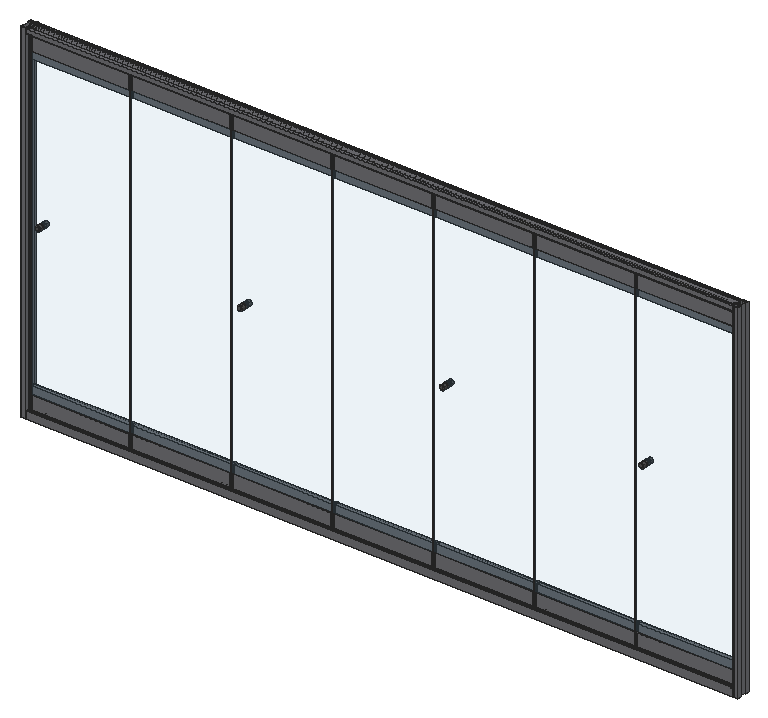
Revit family "QFL7 RH", category Doors, host Wall, Revit 2024 (continued)
Automatic sketch dimensions
  Revolve 12 sketch curve to host wall = 5.496 mm
  Revolve 12 sketch curve to Revolve 12 sketch curve = 5 mm
  Revolve 12 sketch curve to Revolve 12 sketch curve = 16 mm
  Revolve 12 sketch curve to Revolve 12 sketch curve = 1 mm  (x2)
  level to Revolve 12 sketch curve = 1048.136 mm
  Revolve 12 sketch curve to Revolve 12 sketch curve = 10 mm
  Revolve 12 sketch curve to Revolve 12 sketch curve = 14 mm
  Revolve 12 sketch curve to Revolve 12 sketch curve = 0 mm  (x3)
  Extrusion 13 sketch curve to host wall = 33.496 mm  (x2)
  Extrusion 13 sketch curve to Extrusion 13 sketch curve = 1.79 mm  (x4)
  Extrusion 13 sketch curve to Extrusion 13 sketch curve = 0 mm
  Extrusion 13 sketch curve to Extrusion 13 sketch curve = 0.01 mm
  Extrusion 13 sketch curve to Extrusion 13 sketch curve = 1.8 mm  (x6)
  Extrusion 13 sketch curve to Extrusion 13 sketch curve = 0.51 mm  (x2)
  Extrusion 13 sketch curve to Extrusion 13 sketch curve = 3.11 mm  (x2)
  Extrusion 13 sketch curve to Extrusion 13 sketch curve = 8.21 mm  (x2)
  Extrusion 13 sketch curve to Extrusion 13 sketch curve = 1.028 mm  (x2)
  host wall to Extrusion 13 sketch curve = 0.504 mm  (x2)
  host wall to Extrusion 13 sketch curve = 2.504 mm  (x2)
  host wall to Extrusion 13 sketch curve = 5.604 mm  (x2)
  host wall to Extrusion 13 sketch curve = 8.2 mm  (x2)
  Extrusion 13 sketch curve to Extrusion 13 sketch curve = 3.1 mm  (x2)
  Extrusion 13 sketch curve to Extrusion 13 sketch curve = 0.514 mm
  Extrusion 13 sketch curve to Extrusion 13 sketch curve = 6.21 mm
  Extrusion 13 sketch curve to Extrusion 13 sketch curve = 0.05 mm
  Extrusion 13 sketch curve to Extrusion 13 sketch curve = 0.554 mm
  level to Extrusion 13 sketch curve = 31 mm  (x2)
  Extrusion 13 sketch curve to Extrusion 13 sketch curve = 2 mm  (x6)
  Extrusion 13 sketch curve to Extrusion 13 sketch curve = 1.6 mm  (x4)
  Extrusion 13 sketch curve to Extrusion 13 sketch curve = 12.367 mm  (x2)
  Extrusion 13 sketch curve to Extrusion 13 sketch curve = 12.517 mm  (x2)
  Extrusion 13 sketch curve to Extrusion 13 sketch curve = 1.048 mm  (x2)
  Extrusion 13 sketch curve to Extrusion 13 sketch curve = 0.963 mm  (x2)
  Extrusion 13 sketch curve to Extrusion 13 sketch curve = 2.92 mm  (x2)
  Extrusion 13 sketch curve to Extrusion 13 sketch curve = 66.2 mm
  Extrusion 13 sketch curve to Extrusion 13 sketch curve = 33.962 mm
  Extrusion 13 sketch curve to Extrusion 13 sketch curve = 1.038 mm  (x2)
  Extrusion 13 sketch curve to Extrusion 13 sketch curve = 9.238 mm
  plane 5 to Extrusion 13 sketch curve = 174 mm
  Extrusion 13 sketch curve to Extrusion 13 sketch curve = 8.2 mm
  Extrusion 13 sketch curve to Extrusion 13 sketch curve = 43.2 mm
  plane 5 to Extrusion 13 sketch curve = 60.8 mm
  Extrusion 13 sketch curve to Extrusion 13 sketch curve = 2.985 mm
  host wall to Extrusion 14 sketch curve = 2.504 mm
  Extrusion 14 sketch curve to Extrusion 14 sketch curve = 8 mm
  level to Extrusion 14 sketch curve = 121 mm
  plane 5 to Extrusion 14 sketch curve = 129 mm
  Extrusion 15 sketch curve to host wall = 33.496 mm  (x2)
  Extrusion 15 sketch curve to Extrusion 15 sketch curve = 4.9 mm  (x3)
  Extrusion 15 sketch curve to Extrusion 15 sketch curve = 10 mm  (x4)
  host wall to Extrusion 15 sketch curve = 2.504 mm  (x2)
  host wall to Extrusion 15 sketch curve = 5.604 mm  (x2)
  Extrusion 15 sketch curve to Extrusion 15 sketch curve = 8 mm
  plane 5 to Extrusion 15 sketch curve = 39 mm
  Extrusion 15 sketch curve to Extrusion 15 sketch curve = 0 mm
  Extrusion 15 sketch curve to Extrusion 15 sketch curve = 20 mm  (x3)
  Extrusion 15 sketch curve to Extrusion 15 sketch curve = 70 mm
  Extrusion 15 sketch curve to Extrusion 15 sketch curve = 35 mm
  level to Extrusion 15 sketch curve = 166 mm
  Extrusion 15 sketch curve to Extrusion 15 sketch curve = 45 mm
  level to Extrusion 15 sketch curve = 51 mm
  Extrusion 16 sketch curve to host wall = 33.496 mm  (x2)
  Extrusion 16 sketch curve to Extrusion 16 sketch curve = 4.9 mm  (x3)
  Extrusion 16 sketch curve to Extrusion 16 sketch curve = 10 mm  (x4)
  host wall to Extrusion 16 sketch curve = 2.504 mm  (x2)
  host wall to Extrusion 16 sketch curve = 5.604 mm  (x2)
  Extrusion 16 sketch curve to Extrusion 16 sketch curve = 8 mm
  level to Extrusion 16 sketch curve = 31 mm  (x2)
  Extrusion 16 sketch curve to Extrusion 16 sketch curve = 20 mm  (x3)
  Extrusion 16 sketch curve to Extrusion 16 sketch curve = 70 mm
  Extrusion 16 sketch curve to Extrusion 16 sketch curve = 35 mm
  plane 5 to Extrusion 16 sketch curve = 174 mm
  Extrusion 16 sketch curve to Extrusion 16 sketch curve = 45 mm
  plane 5 to Extrusion 16 sketch curve = 59 mm
  Extrusion 17 sketch curve to host wall = 33.496 mm  (x2)
  Extrusion 17 sketch curve to Extrusion 17 sketch curve = 1.79 mm  (x4)
  Extrusion 17 sketch curve to Extrusion 17 sketch curve = 0 mm
  Extrusion 17 sketch curve to Extrusion 17 sketch curve = 0.01 mm
  Extrusion 17 sketch curve to Extrusion 17 sketch curve = 1.8 mm  (x6)
  Extrusion 17 sketch curve to Extrusion 17 sketch curve = 0.51 mm  (x2)
  Extrusion 17 sketch curve to Extrusion 17 sketch curve = 3.11 mm  (x2)
  Extrusion 17 sketch curve to Extrusion 17 sketch curve = 8.21 mm  (x2)
  Extrusion 17 sketch curve to Extrusion 17 sketch curve = 1.028 mm  (x2)
  host wall to Extrusion 17 sketch curve = 0.504 mm  (x2)
  host wall to Extrusion 17 sketch curve = 2.504 mm  (x2)
  host wall to Extrusion 17 sketch curve = 5.604 mm  (x2)
  host wall to Extrusion 17 sketch curve = 8.2 mm  (x2)
  Extrusion 17 sketch curve to Extrusion 17 sketch curve = 3.1 mm  (x2)
  Extrusion 17 sketch curve to Extrusion 17 sketch curve = 0.514 mm
  Extrusion 17 sketch curve to Extrusion 17 sketch curve = 6.21 mm
  Extrusion 17 sketch curve to Extrusion 17 sketch curve = 0.05 mm
  Extrusion 17 sketch curve to Extrusion 17 sketch curve = 0.554 mm
  level to Extrusion 17 sketch curve = 31 mm  (x2)
  Extrusion 17 sketch curve to Extrusion 17 sketch curve = 2 mm  (x6)
  Extrusion 17 sketch curve to Extrusion 17 sketch curve = 1.6 mm  (x4)
  Extrusion 17 sketch curve to Extrusion 17 sketch curve = 12.367 mm  (x2)
  Extrusion 17 sketch curve to Extrusion 17 sketch curve = 12.517 mm  (x2)
  Extrusion 17 sketch curve to Extrusion 17 sketch curve = 1.048 mm  (x2)
  Extrusion 17 sketch curve to Extrusion 17 sketch curve = 0.963 mm  (x2)
  Extrusion 17 sketch curve to Extrusion 17 sketch curve = 2.92 mm  (x2)
  Extrusion 17 sketch curve to Extrusion 17 sketch curve = 66.2 mm
  Extrusion 17 sketch curve to Extrusion 17 sketch curve = 33.962 mm
  Extrusion 17 sketch curve to Extrusion 17 sketch curve = 1.038 mm  (x2)
  Extrusion 17 sketch curve to Extrusion 17 sketch curve = 9.238 mm
  plane 5 to Extrusion 17 sketch curve = 174 mm
  Extrusion 17 sketch curve to Extrusion 17 sketch curve = 8.2 mm
  Extrusion 17 sketch curve to Extrusion 17 sketch curve = 43.2 mm
  plane 5 to Extrusion 17 sketch curve = 60.8 mm
  Extrusion 17 sketch curve to Extrusion 17 sketch curve = 2.985 mm
  host wall to Extrusion 18 sketch curve = 2.504 mm
  Extrusion 18 sketch curve to Extrusion 18 sketch curve = 8 mm
  level to Extrusion 18 sketch curve = 121 mm
  plane 5 to Extrusion 18 sketch curve = 129 mm
  Extrusion 19 sketch curve to host wall = 33.496 mm  (x2)
  Extrusion 19 sketch curve to Extrusion 19 sketch curve = 4.9 mm  (x3)
  Extrusion 19 sketch curve to Extrusion 19 sketch curve = 10 mm  (x4)
  host wall to Extrusion 19 sketch curve = 2.504 mm  (x2)
  host wall to Extrusion 19 sketch curve = 5.604 mm  (x2)
  Extrusion 19 sketch curve to Extrusion 19 sketch curve = 8 mm
  plane 5 to Extrusion 19 sketch curve = 39 mm
  Extrusion 19 sketch curve to Extrusion 19 sketch curve = 0 mm
  Extrusion 19 sketch curve to Extrusion 19 sketch curve = 20 mm  (x3)
  Extrusion 19 sketch curve to Extrusion 19 sketch curve = 70 mm
  Extrusion 19 sketch curve to Extrusion 19 sketch curve = 35 mm
  level to Extrusion 19 sketch curve = 166 mm
  Extrusion 19 sketch curve to Extrusion 19 sketch curve = 45 mm
  level to Extrusion 19 sketch curve = 51 mm
  Extrusion 20 sketch curve to host wall = 33.496 mm  (x2)
  Extrusion 20 sketch curve to Extrusion 20 sketch curve = 4.9 mm  (x3)
  Extrusion 20 sketch curve to Extrusion 20 sketch curve = 10 mm  (x4)
  host wall to Extrusion 20 sketch curve = 2.504 mm  (x2)
  host wall to Extrusion 20 sketch curve = 5.604 mm  (x2)
  Extrusion 20 sketch curve to Extrusion 20 sketch curve = 8 mm
  level to Extrusion 20 sketch curve = 31 mm  (x2)
  Extrusion 20 sketch curve to Extrusion 20 sketch curve = 20 mm  (x3)
  Extrusion 20 sketch curve to Extrusion 20 sketch curve = 70 mm
  Extrusion 20 sketch curve to Extrusion 20 sketch curve = 35 mm
  plane 5 to Extrusion 20 sketch curve = 174 mm
  Extrusion 20 sketch curve to Extrusion 20 sketch curve = 45 mm
  plane 5 to Extrusion 20 sketch curve = 59 mm
  host wall to Revolve 21 sketch curve = 10.504 mm
  Revolve 21 sketch curve to Revolve 21 sketch curve = 3 mm
  Revolve 21 sketch curve to Revolve 21 sketch curve = 5 mm  (x2)
  Revolve 21 sketch curve to Revolve 21 sketch curve = 16 mm
  Revolve 21 sketch curve to Revolve 21 sketch curve = 1 mm  (x2)
  plane 5 to Revolve 21 sketch curve = 1035 mm
  Revolve 21 sketch curve to Revolve 21 sketch curve = 0 mm  (x4)
  Revolve 21 sketch curve to Revolve 21 sketch curve = 14 mm
  host wall to Revolve 22 sketch curve = 2.504 mm
  Revolve 22 sketch curve to host wall = 0.496 mm
  Revolve 22 sketch curve to host wall = 5.496 mm
  Revolve 22 sketch curve to Revolve 22 sketch curve = 5 mm
  Revolve 22 sketch curve to Revolve 22 sketch curve = 16 mm
  Revolve 22 sketch curve to Revolve 22 sketch curve = 1 mm  (x2)
  level to Revolve 22 sketch curve = 1048.136 mm
  Revolve 22 sketch curve to Revolve 22 sketch curve = 10 mm
  Revolve 22 sketch curve to Revolve 22 sketch curve = 14 mm
  Revolve 22 sketch curve to Revolve 22 sketch curve = 0 mm  (x3)
  Extrusion 23 sketch curve to host wall = 33.496 mm  (x2)
  Extrusion 23 sketch curve to Extrusion 23 sketch curve = 1.79 mm  (x4)
  Extrusion 23 sketch curve to Extrusion 23 sketch curve = 0 mm
  Extrusion 23 sketch curve to Extrusion 23 sketch curve = 0.01 mm
  Extrusion 23 sketch curve to Extrusion 23 sketch curve = 1.8 mm  (x6)
  Extrusion 23 sketch curve to Extrusion 23 sketch curve = 0.51 mm  (x2)
  Extrusion 23 sketch curve to Extrusion 23 sketch curve = 3.11 mm  (x2)
  Extrusion 23 sketch curve to Extrusion 23 sketch curve = 8.21 mm  (x2)
  Extrusion 23 sketch curve to Extrusion 23 sketch curve = 1.028 mm  (x2)
  host wall to Extrusion 23 sketch curve = 0.504 mm  (x2)
  host wall to Extrusion 23 sketch curve = 2.504 mm  (x2)
  host wall to Extrusion 23 sketch curve = 5.604 mm  (x2)
  host wall to Extrusion 23 sketch curve = 8.2 mm  (x2)
  Extrusion 23 sketch curve to Extrusion 23 sketch curve = 3.1 mm  (x2)
  Extrusion 23 sketch curve to Extrusion 23 sketch curve = 0.514 mm
  Extrusion 23 sketch curve to Extrusion 23 sketch curve = 6.21 mm
  Extrusion 23 sketch curve to Extrusion 23 sketch curve = 0.05 mm
  Extrusion 23 sketch curve to Extrusion 23 sketch curve = 0.554 mm
  level to Extrusion 23 sketch curve = 31 mm  (x2)
  Extrusion 23 sketch curve to Extrusion 23 sketch curve = 2 mm  (x6)
  Extrusion 23 sketch curve to Extrusion 23 sketch curve = 1.6 mm  (x4)
  Extrusion 23 sketch curve to Extrusion 23 sketch curve = 12.367 mm  (x2)
  Extrusion 23 sketch curve to Extrusion 23 sketch curve = 12.517 mm  (x2)
  Extrusion 23 sketch curve to Extrusion 23 sketch curve = 1.048 mm  (x2)
  Extrusion 23 sketch curve to Extrusion 23 sketch curve = 0.963 mm  (x2)
  Extrusion 23 sketch curve to Extrusion 23 sketch curve = 2.92 mm  (x2)
  Extrusion 23 sketch curve to Extrusion 23 sketch curve = 66.2 mm
  Extrusion 23 sketch curve to Extrusion 23 sketch curve = 33.962 mm
  Extrusion 23 sketch curve to Extrusion 23 sketch curve = 1.038 mm  (x2)
  Extrusion 23 sketch curve to Extrusion 23 sketch curve = 9.238 mm
  plane 5 to Extrusion 23 sketch curve = 174 mm
  Extrusion 23 sketch curve to Extrusion 23 sketch curve = 8.2 mm
  Extrusion 23 sketch curve to Extrusion 23 sketch curve = 43.2 mm
  plane 5 to Extrusion 23 sketch curve = 60.8 mm
  Extrusion 23 sketch curve to Extrusion 23 sketch curve = 2.985 mm
  host wall to Extrusion 24 sketch curve = 2.504 mm
  Extrusion 24 sketch curve to Extrusion 24 sketch curve = 8 mm
  level to Extrusion 24 sketch curve = 121 mm
  plane 5 to Extrusion 24 sketch curve = 129 mm
  Extrusion 25 sketch curve to host wall = 33.496 mm  (x2)
  Extrusion 25 sketch curve to Extrusion 25 sketch curve = 4.9 mm  (x3)
  Extrusion 25 sketch curve to Extrusion 25 sketch curve = 10 mm  (x4)
  host wall to Extrusion 25 sketch curve = 2.504 mm  (x2)
  host wall to Extrusion 25 sketch curve = 5.604 mm  (x2)
  Extrusion 25 sketch curve to Extrusion 25 sketch curve = 8 mm
  plane 5 to Extrusion 25 sketch curve = 39 mm
  Extrusion 25 sketch curve to Extrusion 25 sketch curve = 0 mm
  Extrusion 25 sketch curve to Extrusion 25 sketch curve = 20 mm  (x3)
  Extrusion 25 sketch curve to Extrusion 25 sketch curve = 70 mm
  Extrusion 25 sketch curve to Extrusion 25 sketch curve = 35 mm
  level to Extrusion 25 sketch curve = 166 mm
  Extrusion 25 sketch curve to Extrusion 25 sketch curve = 45 mm
  level to Extrusion 25 sketch curve = 51 mm
  Extrusion 26 sketch curve to host wall = 33.496 mm  (x2)
  Extrusion 26 sketch curve to Extrusion 26 sketch curve = 4.9 mm  (x3)
  Extrusion 26 sketch curve to Extrusion 26 sketch curve = 10 mm  (x4)
  host wall to Extrusion 26 sketch curve = 2.504 mm  (x2)
  host wall to Extrusion 26 sketch curve = 5.604 mm  (x2)
  Extrusion 26 sketch curve to Extrusion 26 sketch curve = 8 mm
  level to Extrusion 26 sketch curve = 31 mm  (x2)
  Extrusion 26 sketch curve to Extrusion 26 sketch curve = 20 mm  (x3)
  Extrusion 26 sketch curve to Extrusion 26 sketch curve = 70 mm
  Extrusion 26 sketch curve to Extrusion 26 sketch curve = 35 mm
  plane 5 to Extrusion 26 sketch curve = 174 mm
  Extrusion 26 sketch curve to Extrusion 26 sketch curve = 45 mm
  plane 5 to Extrusion 26 sketch curve = 59 mm
  Extrusion 27 sketch curve to host wall = 33.496 mm  (x2)
  Extrusion 27 sketch curve to Extrusion 27 sketch curve = 1.79 mm  (x4)
  Extrusion 27 sketch curve to Extrusion 27 sketch curve = 0 mm
  Extrusion 27 sketch curve to Extrusion 27 sketch curve = 0.01 mm
  Extrusion 27 sketch curve to Extrusion 27 sketch curve = 1.8 mm  (x6)
  Extrusion 27 sketch curve to Extrusion 27 sketch curve = 0.51 mm  (x2)
  Extrusion 27 sketch curve to Extrusion 27 sketch curve = 3.11 mm  (x2)
  Extrusion 27 sketch curve to Extrusion 27 sketch curve = 8.21 mm  (x2)
  Extrusion 27 sketch curve to Extrusion 27 sketch curve = 1.028 mm  (x2)
  host wall to Extrusion 27 sketch curve = 0.504 mm  (x2)
  host wall to Extrusion 27 sketch curve = 2.504 mm  (x2)
  host wall to Extrusion 27 sketch curve = 5.604 mm  (x2)
  host wall to Extrusion 27 sketch curve = 8.2 mm  (x2)
  Extrusion 27 sketch curve to Extrusion 27 sketch curve = 3.1 mm  (x2)
  Extrusion 27 sketch curve to Extrusion 27 sketch curve = 0.514 mm
  Extrusion 27 sketch curve to Extrusion 27 sketch curve = 6.21 mm
  Extrusion 27 sketch curve to Extrusion 27 sketch curve = 0.05 mm
  Extrusion 27 sketch curve to Extrusion 27 sketch curve = 0.554 mm
  level to Extrusion 27 sketch curve = 31 mm  (x2)
  Extrusion 27 sketch curve to Extrusion 27 sketch curve = 2 mm  (x6)
  Extrusion 27 sketch curve to Extrusion 27 sketch curve = 1.6 mm  (x4)
  Extrusion 27 sketch curve to Extrusion 27 sketch curve = 12.367 mm  (x2)
  Extrusion 27 sketch curve to Extrusion 27 sketch curve = 12.517 mm  (x2)
  Extrusion 27 sketch curve to Extrusion 27 sketch curve = 1.048 mm  (x2)
  Extrusion 27 sketch curve to Extrusion 27 sketch curve = 0.963 mm  (x2)
  Extrusion 27 sketch curve to Extrusion 27 sketch curve = 2.92 mm  (x2)
  Extrusion 27 sketch curve to Extrusion 27 sketch curve = 66.2 mm
  Extrusion 27 sketch curve to Extrusion 27 sketch curve = 33.962 mm
  Extrusion 27 sketch curve to Extrusion 27 sketch curve = 1.038 mm  (x2)
  Extrusion 27 sketch curve to Extrusion 27 sketch curve = 9.238 mm
  plane 5 to Extrusion 27 sketch curve = 174 mm
  Extrusion 27 sketch curve to Extrusion 27 sketch curve = 8.2 mm
  Extrusion 27 sketch curve to Extrusion 27 sketch curve = 43.2 mm
  plane 5 to Extrusion 27 sketch curve = 60.8 mm
  Extrusion 27 sketch curve to Extrusion 27 sketch curve = 2.985 mm
  host wall to Extrusion 28 sketch curve = 2.504 mm
  Extrusion 28 sketch curve to Extrusion 28 sketch curve = 8 mm
  level to Extrusion 28 sketch curve = 121 mm
  plane 5 to Extrusion 28 sketch curve = 129 mm
  Extrusion 29 sketch curve to host wall = 33.496 mm  (x2)
  Extrusion 29 sketch curve to Extrusion 29 sketch curve = 4.9 mm  (x3)
  Extrusion 29 sketch curve to Extrusion 29 sketch curve = 10 mm  (x4)
  host wall to Extrusion 29 sketch curve = 2.504 mm  (x2)
  host wall to Extrusion 29 sketch curve = 5.604 mm  (x2)
  Extrusion 29 sketch curve to Extrusion 29 sketch curve = 8 mm
  plane 5 to Extrusion 29 sketch curve = 39 mm
  Extrusion 29 sketch curve to Extrusion 29 sketch curve = 0 mm
  Extrusion 29 sketch curve to Extrusion 29 sketch curve = 20 mm  (x3)
  Extrusion 29 sketch curve to Extrusion 29 sketch curve = 70 mm
  Extrusion 29 sketch curve to Extrusion 29 sketch curve = 35 mm
  level to Extrusion 29 sketch curve = 166 mm
  Extrusion 29 sketch curve to Extrusion 29 sketch curve = 45 mm
  level to Extrusion 29 sketch curve = 51 mm
  Extrusion 30 sketch curve to host wall = 33.496 mm  (x2)
  Extrusion 30 sketch curve to Extrusion 30 sketch curve = 4.9 mm  (x3)
  Extrusion 30 sketch curve to Extrusion 30 sketch curve = 10 mm  (x4)
  host wall to Extrusion 30 sketch curve = 2.504 mm  (x2)
  host wall to Extrusion 30 sketch curve = 5.604 mm  (x2)
  Extrusion 30 sketch curve to Extrusion 30 sketch curve = 8 mm
  level to Extrusion 30 sketch curve = 31 mm  (x2)
  Extrusion 30 sketch curve to Extrusion 30 sketch curve = 20 mm  (x3)
  Extrusion 30 sketch curve to Extrusion 30 sketch curve = 70 mm
  Extrusion 30 sketch curve to Extrusion 30 sketch curve = 35 mm
  plane 5 to Extrusion 30 sketch curve = 174 mm
  Extrusion 30 sketch curve to Extrusion 30 sketch curve = 45 mm
  plane 5 to Extrusion 30 sketch curve = 59 mm
  host wall to Revolve 31 sketch curve = 10.504 mm
  Revolve 31 sketch curve to Revolve 31 sketch curve = 3 mm
  Revolve 31 sketch curve to Revolve 31 sketch curve = 5 mm  (x2)
  Revolve 31 sketch curve to Revolve 31 sketch curve = 16 mm
  Revolve 31 sketch curve to Revolve 31 sketch curve = 1 mm  (x2)
  plane 5 to Revolve 31 sketch curve = 1035 mm
  Revolve 31 sketch curve to Revolve 31 sketch curve = 0 mm  (x4)
  Revolve 31 sketch curve to Revolve 31 sketch curve = 14 mm
  host wall to Revolve 32 sketch curve = 2.504 mm
  Revolve 32 sketch curve to host wall = 0.496 mm
  Revolve 32 sketch curve to host wall = 5.496 mm
  Revolve 32 sketch curve to Revolve 32 sketch curve = 5 mm
  Revolve 32 sketch curve to Revolve 32 sketch curve = 16 mm
  Revolve 32 sketch curve to Revolve 32 sketch curve = 1 mm  (x2)
  level to Revolve 32 sketch curve = 1048.136 mm
  Revolve 32 sketch curve to Revolve 32 sketch curve = 10 mm
  Revolve 32 sketch curve to Revolve 32 sketch curve = 14 mm
  Revolve 32 sketch curve to Revolve 32 sketch curve = 0 mm  (x3)
  Extrusion 33 sketch curve to host wall = 33.496 mm  (x2)
  Extrusion 33 sketch curve to Extrusion 33 sketch curve = 1.79 mm  (x4)
  Extrusion 33 sketch curve to Extrusion 33 sketch curve = 0 mm
  Extrusion 33 sketch curve to Extrusion 33 sketch curve = 0.01 mm
  Extrusion 33 sketch curve to Extrusion 33 sketch curve = 1.8 mm  (x6)
  Extrusion 33 sketch curve to Extrusion 33 sketch curve = 0.51 mm  (x2)
  Extrusion 33 sketch curve to Extrusion 33 sketch curve = 3.11 mm  (x2)
  Extrusion 33 sketch curve to Extrusion 33 sketch curve = 8.21 mm  (x2)
  Extrusion 33 sketch curve to Extrusion 33 sketch curve = 1.028 mm  (x2)
  host wall to Extrusion 33 sketch curve = 0.504 mm  (x2)
  host wall to Extrusion 33 sketch curve = 2.504 mm  (x2)
  host wall to Extrusion 33 sketch curve = 5.604 mm  (x2)
  host wall to Extrusion 33 sketch curve = 8.2 mm  (x2)
  Extrusion 33 sketch curve to Extrusion 33 sketch curve = 3.1 mm  (x2)
  Extrusion 33 sketch curve to Extrusion 33 sketch curve = 0.514 mm
  Extrusion 33 sketch curve to Extrusion 33 sketch curve = 6.21 mm
  Extrusion 33 sketch curve to Extrusion 33 sketch curve = 0.05 mm
  Extrusion 33 sketch curve to Extrusion 33 sketch curve = 0.554 mm
  level to Extrusion 33 sketch curve = 31 mm  (x2)
  Extrusion 33 sketch curve to Extrusion 33 sketch curve = 2 mm  (x6)
  Extrusion 33 sketch curve to Extrusion 33 sketch curve = 1.6 mm  (x4)
  Extrusion 33 sketch curve to Extrusion 33 sketch curve = 12.367 mm  (x2)
  Extrusion 33 sketch curve to Extrusion 33 sketch curve = 12.517 mm  (x2)
  Extrusion 33 sketch curve to Extrusion 33 sketch curve = 1.048 mm  (x2)
  Extrusion 33 sketch curve to Extrusion 33 sketch curve = 0.963 mm  (x2)
  Extrusion 33 sketch curve to Extrusion 33 sketch curve = 2.92 mm  (x2)
  Extrusion 33 sketch curve to Extrusion 33 sketch curve = 66.2 mm
  Extrusion 33 sketch curve to Extrusion 33 sketch curve = 33.962 mm
  Extrusion 33 sketch curve to Extrusion 33 sketch curve = 1.038 mm  (x2)
  Extrusion 33 sketch curve to Extrusion 33 sketch curve = 9.238 mm
  plane 5 to Extrusion 33 sketch curve = 174 mm
  Extrusion 33 sketch curve to Extrusion 33 sketch curve = 8.2 mm
  Extrusion 33 sketch curve to Extrusion 33 sketch curve = 43.2 mm
  plane 5 to Extrusion 33 sketch curve = 60.8 mm
  Extrusion 33 sketch curve to Extrusion 33 sketch curve = 2.985 mm
  host wall to Extrusion 34 sketch curve = 2.504 mm
  Extrusion 34 sketch curve to Extrusion 34 sketch curve = 8 mm
  level to Extrusion 34 sketch curve = 121 mm
  plane 5 to Extrusion 34 sketch curve = 129 mm
  Extrusion 35 sketch curve to host wall = 33.496 mm  (x2)
  Extrusion 35 sketch curve to Extrusion 35 sketch curve = 4.9 mm  (x3)
  Extrusion 35 sketch curve to Extrusion 35 sketch curve = 10 mm  (x4)
  host wall to Extrusion 35 sketch curve = 2.504 mm  (x2)
  host wall to Extrusion 35 sketch curve = 5.604 mm  (x2)
  Extrusion 35 sketch curve to Extrusion 35 sketch curve = 8 mm
  plane 5 to Extrusion 35 sketch curve = 39 mm
  Extrusion 35 sketch curve to Extrusion 35 sketch curve = 0 mm
  Extrusion 35 sketch curve to Extrusion 35 sketch curve = 20 mm  (x3)
  Extrusion 35 sketch curve to Extrusion 35 sketch curve = 70 mm
  Extrusion 35 sketch curve to Extrusion 35 sketch curve = 35 mm
  level to Extrusion 35 sketch curve = 166 mm
  Extrusion 35 sketch curve to Extrusion 35 sketch curve = 45 mm
  level to Extrusion 35 sketch curve = 51 mm
  Extrusion 36 sketch curve to host wall = 33.496 mm  (x2)
  Extrusion 36 sketch curve to Extrusion 36 sketch curve = 4.9 mm  (x3)
  Extrusion 36 sketch curve to Extrusion 36 sketch curve = 10 mm  (x4)
  host wall to Extrusion 36 sketch curve = 2.504 mm  (x2)
  host wall to Extrusion 36 sketch curve = 5.604 mm  (x2)
  Extrusion 36 sketch curve to Extrusion 36 sketch curve = 8 mm
  level to Extrusion 36 sketch curve = 31 mm  (x2)
  Extrusion 36 sketch curve to Extrusion 36 sketch curve = 20 mm  (x3)
  Extrusion 36 sketch curve to Extrusion 36 sketch curve = 70 mm
  Extrusion 36 sketch curve to Extrusion 36 sketch curve = 35 mm
  plane 5 to Extrusion 36 sketch curve = 174 mm
  Extrusion 36 sketch curve to Extrusion 36 sketch curve = 45 mm
  plane 5 to Extrusion 36 sketch curve = 59 mm
  host wall to Revolve 37 sketch curve = 10.504 mm
  Revolve 37 sketch curve to Revolve 37 sketch curve = 3 mm
  Revolve 37 sketch curve to Revolve 37 sketch curve = 5 mm  (x2)
  Revolve 37 sketch curve to Revolve 37 sketch curve = 16 mm
  Revolve 37 sketch curve to Revolve 37 sketch curve = 1 mm  (x2)
  plane 5 to Revolve 37 sketch curve = 1035 mm
  Revolve 37 sketch curve to Revolve 37 sketch curve = 0 mm  (x4)
  Revolve 37 sketch curve to Revolve 37 sketch curve = 14 mm
  host wall to Revolve 38 sketch curve = 2.504 mm
  Revolve 38 sketch curve to host wall = 0.496 mm
  Revolve 38 sketch curve to host wall = 5.496 mm
  Revolve 38 sketch curve to Revolve 38 sketch curve = 5 mm
  Revolve 38 sketch curve to Revolve 38 sketch curve = 16 mm
  Revolve 38 sketch curve to Revolve 38 sketch curve = 1 mm  (x2)
  level to Revolve 38 sketch curve = 1048.136 mm
  Revolve 38 sketch curve to Revolve 38 sketch curve = 10 mm
  Revolve 38 sketch curve to Revolve 38 sketch curve = 14 mm
  Revolve 38 sketch curve to Revolve 38 sketch curve = 0 mm  (x3)
  curve 27 to plane 3 "Left" = 364.528 mm
  curve 25 to curve 26 = 139.078 mm
  curve 26 to curve 24 = 466.922 mm
  curve 21 to curve 24 = 139.078 mm
  curve 22 to curve 20 = 466.922 mm
  curve 17 to curve 20 = 139.078 mm
  plane 2 "Center (Left/Right)" to curve 16 = 30.028 mm
  curve 13 to curve 14 = 139.078 mm
  curve 14 to curve 12 = 466.922 mm
  curve 9 to curve 12 = 139.078 mm
  curve 10 to curve 8 = 466.922 mm
  curve 5 to curve 8 = 139.078 mm
  plane 4 "Right" to curve 3 = 304.472 mm
  curve 1 to curve 2 = 139.078 mm
  level to curve 28 = 992.809 mm
  level to curve 19 = 992.809 mm
  curve 23 to curve 19 = 0 mm
  curve 16 to curve 19 = 0 mm
  level to curve 3 = 992.809 mm
  curve 12 to curve 15 = 0 mm
  curve 8 to curve 11 = 0 mm
  curve 7 to curve 8 = 56.191 mm
  curve 27 to curve 26 = 56.191 mm
  curve 11 to curve 10 = 56.191 mm
  curve 15 to curve 14 = 56.191 mm
  curve 23 to curve 24 = 56.191 mm
  curve 3 to curve 4 = 56.191 mm
  curve 19 to curve 18 = 56.191 mm
  curve 19 to curve 19 = 112.382 mm
  curve 23 to curve 22 = 112.382 mm
  curve 15 to curve 14 = 112.382 mm
  curve 11 to curve 11 = 112.382 mm
  curve 7 to curve 7 = 112.382 mm
  curve 27 to curve 26 = 112.382 mm
  curve 3 to curve 3 = 112.382 mm
  curve 25 to curve 25 = 175 mm
  curve 21 to curve 21 = 175 mm
  curve 17 to curve 17 = 175 mm
  curve 13 to plane 2 "Center (Left/Right)" = 144.972 mm
  curve 9 to curve 9 = 175 mm
  curve 5 to curve 5 = 175 mm
  curve 1 to curve 1 = 175 mm
  curve 9 to curve 10 = 56.191 mm
  curve 27 to curve 25 = 56.191 mm
  curve 5 to curve 6 = 56.191 mm
  curve 13 to curve 14 = 56.191 mm
  curve 1 to curve 2 = 56.191 mm
  curve 17 to curve 18 = 56.191 mm
  curve 21 to curve 22 = 56.191 mm
  curve 55 to plane 2 "Center (Left/Right)" = 44.839 mm
  curve 55 to plane 2 "Center (Left/Right)" = 6.734 mm
  curve 53 to host wall = 37.5 mm
  plane 2 "Center (Left/Right)" to curve 53 = 227.446 mm
  curve 49 to host wall = 37.5 mm
  curve 54 to curve 49 = 38.105 mm
  plane 2 "Center (Left/Right)" to curve 50 = 537.836 mm
  curve 49 to curve 43 = 38.105 mm
  curve 44 to host wall = 37.5 mm
  curve 51 to curve 44 = 272.285 mm
  curve 48 to host wall = 37.5 mm
  curve 42 to curve 48 = 38.105 mm
  host wall to curve 46 = 456.111 mm
  curve 48 to curve 46 = 272.285 mm
  host wall to curve 39 = 456.111 mm
  curve 47 to curve 39 = 38.105 mm
  curve 37 to host wall = 37.5 mm
  curve 31 to host wall = 37.5 mm
  curve 38 to curve 31 = 38.105 mm
  plane 4 "Right" to curve 34 = 373.105 mm
  curve 33 to curve 33 = 38.105 mm
  plane 4 "Right" to curve 30 = 62.715 mm
  curve 35 to host wall = 37.5 mm
